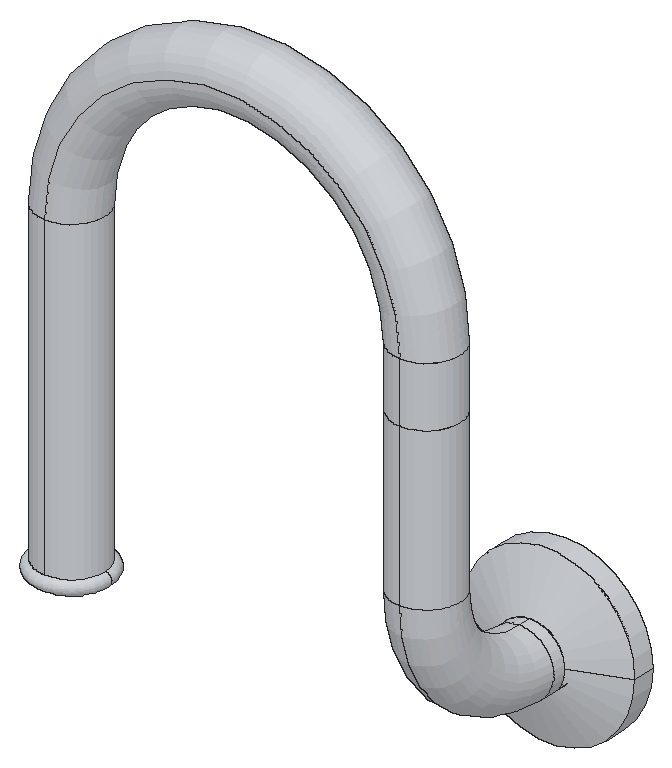
Revit family
Parameters
  Weight Limit = 0
  Warranty Duration (Years) = 0
  Unit Weight = 4.4
  URL = "http://www.pontegiulio.com"
  Trim Radius = 0' - 1 5/8"
  Specification = "http://www.arcat.com/sd/clients/pontegiu.html?coid=43483"
  Send Message = "http://www.arcat.com/users.pl?action=UserEmail&company=Ponte%20Giulio&coid=43483&rep=132&fax=877-766-8306&mf="
  Sales Information = "http://www.pontegiulio.it/us/info.php"
  Revision = "R1_01-2010"
  Return Radius = 0' - 2 3/16"
  Product Properties = "http://www.pgdb.it/schede/us/G03JCxxx02_us.pdf"
  Product Data = "http://www.arcat.com/arcatcos/cos43/arc43483.html"
  Model = "Grab Bar as Specified in 10 28 13"
  Manufacturer's Notes = ""
  Manufacturer Website = "http://www.pontegiulio.com"
  Manufacturer Phone - Toll Free = "877-766-8301 "
  Manufacturer Fax = "877-766-8306"
  Manufacturer Address = "W241 S4021 Rockwood Circle, Waukesha, WI 53189"
  Manufacturer = "Ponte Giulio"
  Maintenance Schedule (Months) = 0
  Keynote = "10 28 13"
  Installation-Fabrication = ""
  Installation Phase = ""
  Green Building-LEED = "http://www.arcat.com/green/clients/leed_data_43483.html"
  Expected Lifespan (Years) = 0
  Drawn By = "Robert S. Weygant, CSI, CDT, SCIP"
  Diameter = 0' - 1 1/4"
  Description = "Grab Bar as Specified in 10 28 13"
  Default Elevation = 2' - 0"
  Copyright = "2010 ARCAT, Inc"
  Construction Details = ""
  Clear Space From Wall = 0' - 2 5/8"
  Building Codes = ""
  Bath Fixture Material [instance] = none
  Assembly Code = "C1030200"
  AK_G03JCxxx04 Toilet Roll Holder = no
  AK_Code Compliance = "UNI"
Reference planes (in)
  plane 1 "Center (Front/Back)": y = 0
  plane 2: z = 0
  plane 3 "Center (Left/Right)": x = 0
  plane 4: y = -2.625
  plane 5 "Center Elevation": z = 24
  plane 6: y = -3.25
  plane 7: z = 33.625
  plane 8: x = -6.625
  plane 9: z = 24.375
Forms (in)
  Revolve 1, solid, material <- "Bath Fixture Material"
    sketch origin (0, 0, 24) x (1, 0, 0) y (0, 1, 0)
      loop
        line (0, 0) -> (0, -0.8125) -> (0.625, -0.8125) -> (1.625, -0.40625) -> (1.625, 0) -> (0, 0)
      axis (0, -0.8125) -> (0, 0)
    angle from 0 to 360
  Sweep 2, solid, material <- "Bath Fixture Material"
    path in 3D
      loop
        line (0, 0, 24) -> (0, -1.0625, 24)
        arc (0, -1.0625, 24) -> (0, -2.6093, 24.6407) -> (0, -3.25, 26.1875) r 2.1875
        line (0, -3.25, 26.1875) -> (0, -3.25, 29.1875) -> (0, -3.25, 30.3125)
        arc (0, -3.25, 30.3125) -> (-3.3125, -3.25, 33.625) -> (-6.625, -3.25, 30.3125) r 3.3125
        line (-6.625, -3.25, 30.3125) -> (-6.625, -3.25, 24.375)
    profile origin (0, -0.53125, 24) x (0, 0, -1) y (1, 0, 0)
      loop
        circle (0, 0) r 0.625
  Revolve 3, solid, material <- "Bath Fixture Material"
    sketch origin (0, -3.25, 0) x (1, 0, 0) y (0, 0, 1)
      loop
        line (-6.625, 24.375) -> (-6.625, 24.125) -> (-6, 24.125)
        arc (-6, 24.125) -> (-5.875, 24.25) -> (-6, 24.375) r 0.125
        line (-6, 24.375) -> (-6.625, 24.375)
      axis (-6.625, 24.125) -> (-6.625, 24.375)
    angle from 0 to 360
  Extrusion 4, solid, material <- "Bath Fixture Material", visible <- "AK_G03JCxxx04 Toilet Roll Holder"
    sketch origin (0, 0, -0.5) x (0, 1, 0) y (0, 0, 1)
      loop
        circle (-3.25, 29) r 0.375
    from 0 to -2.5
  Extrusion 5, solid, material <- "Bath Fixture Material", visible <- "AK_G03JCxxx04 Toilet Roll Holder"
    sketch origin (-4.125, 0, -0.5) x (0, 1, 0) y (0, 0, 1)
      loop
        circle (-3.25, 29) r 0.375
    from 0 to -2.5
  Extrusion 6, solid, material <- "Bath Fixture Material", visible <- "AK_G03JCxxx04 Toilet Roll Holder"
    sketch origin (0, 0, -0.5) x (0, 1, 0) y (0, 0, 1)
      loop
        circle (-3.25, 29) r 0.25
    from -4.125 to -2.5
Lines and regions (in)
  model lines
    curve 1: line (0, 0, 24) -> (0, -1.0625, 24)
    curve 2: line (0, -3.25, 26.1875) -> (0, -3.25, 29.1875)
    curve 3: arc (0, -1.0625, 24) -> (0, -2.6093, 24.6407) -> (0, -3.25, 26.1875) r 2.1875
    curve 4: line (-6.625, -3.25, 24.375) -> (-6.625, -3.25, 30.3125)
    curve 5: line (0, -3.25, 30.3125) -> (0, -3.25, 29.1875)
    curve 6: arc (0, -3.25, 30.3125) -> (-3.3125, -3.25, 33.625) -> (-6.625, -3.25, 30.3125) r 3.3125
  sketch lines
    curve 7: line (0, 0, 24) -> (0, -1.0625, 24)
    curve 8: arc (0, -1.0625, 24) -> (0, -2.6093, 24.6407) -> (0, -3.25, 26.1875) r 2.1875
    curve 9: line (0, -3.25, 26.1875) -> (0, -3.25, 29.1875)
    curve 10: line (0, -3.25, 30.3125) -> (0, -3.25, 29.1875)
    curve 11: arc (0, -3.25, 30.3125) -> (-3.3125, -3.25, 33.625) -> (-6.625, -3.25, 30.3125) r 3.3125
    curve 12: line (-6.625, -3.25, 24.375) -> (-6.625, -3.25, 30.3125)
Dimensions and locks (in)
  "Clear Space From Wall": plane 4 to plane 1 "Center (Front/Back)"
  locked: plane 4 to plane 6 at 0.625
  locked: Revolve 1 sketch curve to Revolve 1 sketch curve at 0.8125
  locked: plane 7 to plane 5 "Center Elevation" at 9.625
  locked: plane 3 "Center (Left/Right)" to plane 8 at 6.625
  locked: plane 9 to plane 5 "Center Elevation" at 0.375
  locked: Revolve 3 sketch curve to Revolve 3 sketch curve at 0.25
  plane 5 "Center Elevation" to Extrusion 4 sketch curve = 0' - 4 1/2"
  aligned and locked: plane 1 "Center (Front/Back)" to Revolve 1 sketch curve
  aligned and locked: Revolve 1 sketch curve to plane 3 "Center (Left/Right)"
  aligned and locked: plane 5 "Center Elevation" to Revolve 1
  aligned and locked: Revolve 3 sketch curve to plane 8
  aligned and locked: Revolve 3 sketch curve to curve 4
  aligned and locked: Extrusion 5 to plane 8
  aligned and locked: plane 3 "Center (Left/Right)" to Extrusion 4
  aligned and locked: Extrusion 6 to Extrusion 5
  aligned and locked: Extrusion 6 to Extrusion 4
Automatic sketch dimensions
  curve 2 to plane 6 = 0' - 0"
  curve 3 to plane 5 "Center Elevation" = 0' - 0"
  curve 1 to plane 1 "Center (Front/Back)" = 0' - 0"
  plane 1 "Center (Front/Back)" to curve 3 = 0' - 1 1/16"
  curve 3 to curve 2 = 0' - 3"
  Revolve 1 sketch curve to plane 3 "Center (Left/Right)" = 0' - 0"
  plane 3 "Center (Left/Right)" to Revolve 1 sketch curve = 0' - 0 5/8"
  plane 1 "Center (Front/Back)" to Revolve 1 sketch curve = 0' - 0 13/32"
  Revolve 1 sketch curve to Revolve 1 sketch curve = 0' - 1"
  Revolve 1 sketch curve to plane 6 = 8' - 4.53132"
  Revolve 1 sketch curve to plane 1 "Center (Front/Back)" = 2' - 0"
  curve 5 to plane 3 "Center (Left/Right)" = 0' - 0"
  curve 4 to plane 8 = 0' - 0"
  curve 4 to plane 9 = 0' - 0"
  plane 7 to curve 5 = 0' - 4 7/16"
  curve 5 to curve 5 = 0' - 1 1/8"
  Sweep 2 sketch curve to profile plane = 0' - 0"  (x2)
  Revolve 3 sketch curve to plane 8 = 0' - 0"
  plane 8 to Revolve 3 sketch curve = 0' - 0 5/8"
  plane 5 "Center Elevation" to Revolve 3 sketch curve = 0' - 1.13402"
  Revolve 3 sketch curve to Revolve 3 sketch curve = 0' - 1.1896"
  Extrusion 4 sketch curve to plane 6 = 0' - 0"
  Extrusion 5 sketch curve to plane 6 = 0' - 0"
  plane 7 to Extrusion 5 sketch curve = 0' - 5 1/8"
  plane 6 to Extrusion 6 sketch curve = 0' - 0"
  plane 7 to Extrusion 6 sketch curve = 0' - 5 1/8"
  radius of Sweep 2 sketch curve = 0' - 0 5/8"
  radius of Extrusion 4 sketch curve = 0' - 0 3/8"
  radius of Extrusion 5 sketch curve = 0' - 0 3/8"
  radius of Extrusion 6 sketch curve = 0' - 0 1/4"
